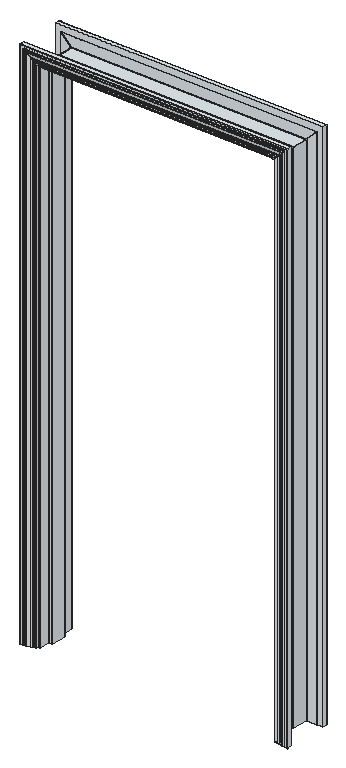
Revit family "Door_Swing_Dunbarton_RediFrame", category Doors, host Wall, Revit 2022
Family settings
  Host = Wall
  OmniClass Number = 23.30.10.17.17
  OmniClass Title = Folding Doors and Grilles
  Always vertical = Yes
  Cut with Voids When Loaded = No
  Shared = No
  Room Calculation Point = No
Parameters (values of type "134 Kerf Frame")
  panelwidth [instance] = if(1 = 1, Unit Width / 2, 0' 0")  # 1' - 6"
  halfframeneg [instance] = -(Wall Depth / 2) - 0' 0 1/16"  # -0' - 3 1/16"
  halfframe [instance] = Wall Depth / 2 + 0' 0 1/16"  # 0' - 3 1/16"
  framewidthcontrol [instance] = Opening Width + ((0' 1 9/16" - RO Spacing Sides) * 2)  # 3' - 3 1/8"
  frameheightcontrol [instance] = Opening Height + (0' 1 9/16" - RO Spacing Top)  # 6' - 9 5/16"
  casingwidthcontrol [instance] = 2' - 8"
  casingheightcontrol [instance] = 2' - 8"
  Water Penetration = "as Specified"
  Warranty Duration (Years) = 0
  Wall Depth [instance] = 0' - 6"
  Unit Width = 3' - 0"
  Unit Height [instance] = Opening Height - (0' 1 1/8" + 0' 0 3/4")  # 6' - 6 1/8"
  URL = "https://dunbarton.com/"
  Type Comments = "Wall Depths as Specified"
  Thickness = 0' - 0"  # constant formula
  Structural Test Pressure = "as Specified"
  Standards Conformance = "Level A Durability ANSI 250.5-1994"
  Specification = "http://www.arcat.com/sd/clients95/redifram.html?coid=32085"
  Send Message = ""
  Sales Information = "https://dunbarton.com/distributors"
  RO Spacing Sides = 0' - 0 1/4"  # constant formula
  Rough Width = 0' - 0"  # constant formula
  Rough Height = 0' - 0"  # constant formula
  RO Spacing Top = 0' - 0 1/4"  # constant formula
  R-Value = 0
  Product Properties = "https://dunbarton.com/sample-page"
  Product Data = "http://www.arcat.com/arcatcos/cos9532/arc32085.html"
  Panel Type [instance] = Door_Panel_Dunbarton_Westchester-Fold : Door_Panel_Dunbarton_Westchester-Fold
  Opening Width [instance] = Unit Width + (RO Spacing Sides * 2)  # 3' - 0 1/2"
  Opening Height = 6' - 8"
  Offset from Wall CL Notes [instance] = "Use Positive or Negative values to determine location."  # constant formula
  Offset from Wall CL [instance] = 0' - 0"
  Model = "RediFrame 134 Kerf"
  Manufacturer Website = "https://dunbarton.com/"
  Manufacturer Phone - Toll Free = "800-633-7553"
  Manufacturer Phone = "334-794-0661"
  Manufacturer Fax = "334-793-7022"
  Manufacturer Address = "1101 Technology Dr.; Dothan;  AL 36303"
  Manufacturer = "Dunbarton Corporation"
  Maintenance Schedule (Months) = 0
  Keynote = "08 11 10"
  Interior Casing Type [instance] = Accessory_Casing_Dunbarton_Casing : Steel Colonial
  Installation-Fabrication = "https://dunbarton.com/resources/installation-videos"
  Installation Phase = ""
  Include Dunbarton Interior Casing [instance] = yes
  Include Dunbarton Exterior Casing [instance] = yes
  Impact Resistance = "as Specified"
  Height [instance] = Unit Height  # 6' - 6 1/8"
  Green Building-LEED = "http://www.arcat.com/green/clients95/leed_data_32085.html"
  Gauge [instance] = 0
  Function = Interior
  Frame Type = RediFrame134Kerf : RediFrame134Kerf
  Frame Thickness = 0' - 0 5/8"
  Frame Finish [instance] = Metal - Steel - Dunbarton - Bright White Enamel
  Fire Rating = "90 Minute Neutral and Positive Pressure  ;  Wood or Steel"
  Exterior Casing Type [instance] = Accessory_Casing_Dunbarton_Casing : Steel Colonial
  Expected Lifespan (Years) = 0
  Drawn By = "Sumex Design, Inc. / Robert S. Weygant, CSI, CDT, SCIP"
  Door Thickness = 0' - 1"
  Door Panel Type = "as Specified"
  Door Finish [instance] = Metal - Steel - Dunbarton - Bright White Enamel
  Description = "Dunbarton Steel Swing Door Frame - RediFrame Kerf as Specified"
  Wall Closure = By host
  Width = Unit Width  # 3' - 0"
  Copyright = "©Arcat Inc."
  Construction Details = ""
  Assembly Code = "C1020100"
  Air Infiltration = "as Specified"
  3D Panel Swing Angle [instance] = 0.00°
  2D Swing Angle [instance] = 45.00°
Types (4): name | Type Comments | Model | Frame Type | Description
  134 Kerf Frame | "Wall Depths as Specified" | "RediFrame 134 Kerf" | RediFrame134Kerf : RediFrame134Kerf | "Dunbarton Steel Swing Door Frame - RediFrame Kerf as Specified"
  134-138 Frame | "Available Wall Depths : 4 , 4.5 , 4.625 , 4.75 , 4.875 , 5.25 , 5.375 , 6.75 , 6.875 , 7.375" | "RediFrame 134-138" | RediFrame134138 : RediFrame134138 | "Dunbarton Steel Swing Door Frame - RediFrame as Specified"
  138 Frame | "Available Wall Depths : 2.625 , 2.875 , 3.5 , 3.625 , 3.75" | "RediFrame 138" | RediFrame138 : RediFrame138 | "Dunbarton Steel Swing Door Frame - RediFrame as Specified"
  134 Frame | "Available Wall Depths : 2.875 , 3.5 , 3.625 , 3.75" | "RediFrame 134" | RediFrame134 : RediFrame134 | "Dunbarton Steel Swing Door Frame - RediFrame as Specified"
Reference planes
  plane 1 "Center (Front/Back)": y = 41.722
  plane 2: z = 0
  plane 3 "Center (Left/Right)": x = 50.8
  plane 4 "Left": x = -412.75
  plane 5 "Right": x = 514.35
  plane 6 "Bottom": z = 0
  plane 7 "Top": z = 2032
  plane 8 "Center - Elevation": z = 1016
  plane 9: y = -34.478
  plane 10: y = 117.922
  plane 11: x = -406.4
  plane 12: x = 508
Forms (mm)
  Extrusion 1, void
    sketch origin (0, 41.722, 0) x (1, 0, 0) y (0, 0, 1)
      loop
        line (127, 0) -> (127, 50.8) -> (-25.4, 50.8) -> (-25.4, 0) -> (127, 0)
    from 0 <- "Offset from Wall CL" to 305.197
  Extrusion 2, void
    sketch origin (0, 41.722, 0) x (1, 0, 0) y (0, 0, 1)
      loop
        line (-412.75, 2032) -> (-412.75, 0) -> (514.35, 0) -> (514.35, 2032) -> (-412.75, 2032)
    from -76.2 to 76.2
  Extrusion 3, void
    sketch origin (0, 41.722, 0) x (-1, 0, 0) y (0, 0, 1)
      loop
        line (63.5, 0) -> (133.35, 0) -> (133.35, 25.4) -> (63.5, 25.4) -> (63.5, 0)
    from 0 to 77.788 <- "halfframe"
  Extrusion 4, void
    sketch origin (0, 41.722, 0) x (-1, 0, 0) y (0, 0, 1)
      loop
        line (-165.1, 0) -> (-165.1, 25.4) -> (-234.95, 25.4) -> (-234.95, 0) -> (-165.1, 0)
    from -77.788 <- "halfframeneg" to 304.8
Text (mm)
  text "EXTERIOR" at (-1490.695, 350.552, 0), in view "Plan View"
  text "INTERIOR" at (-1490.695, -214.206, 0), in view "Plan View"
  text "Exterior" at (0, 1108.87, 3129.179), in view "Left"
  text "Exterior" at (0, 464.664, 3176.206), in view "Right"
Dimensions and locks
  equal spacing: plane 4 "Left", plane 3 "Center (Left/Right)", plane 5 "Right"
  equal spacing: plane 7 "Top", plane 8 "Center - Elevation", plane 6 "Bottom"
  "Opening Width": plane 4 "Left" to plane 5 "Right"
  "Opening Height": plane 7 "Top" to level
  equal spacing: plane 11, plane 3 "Center (Left/Right)", plane 12
  "Unit Width": plane 11 to plane 12
  aligned and locked: level to plane 2
  aligned and locked: plane 6 "Bottom" to plane 2
  aligned and locked: plane 1 "Center (Front/Back)" to host wall
  aligned and locked: plane 9 to host wall
  aligned and locked: plane 10 to host wall
  aligned: plane 3 "Center (Left/Right)" to nested 1
  aligned and locked: plane 5 "Right" to Extrusion 2 sketch curve
  aligned and locked: Extrusion 2 sketch curve to plane 4 "Left"
  aligned and locked: plane 7 "Top" to Extrusion 2 sketch curve
  aligned and locked: plane 10 to Extrusion 2
  aligned and locked: Extrusion 2 to plane 9
  aligned: nested 1 to nested 2
  aligned and locked: nested 1 to Extrusion 1
  aligned and locked: nested 1 to plane 3 "Center (Left/Right)"  (x2)
  aligned and locked: plane 3 "Center (Left/Right)" to nested 2
  aligned and locked: nested 2 to Extrusion 4
  aligned and locked: nested 3 to Extrusion 3
Automatic sketch dimensions
  Extrusion 1 sketch curve to level = 0' - 0"
  Extrusion 1 sketch curve to plane 3 "Center (Left/Right)" = 0' - 3"
  plane 3 "Center (Left/Right)" to Extrusion 1 sketch curve = 0' - 3"
  level to Extrusion 1 sketch curve = 0' - 2"
  Extrusion 2 sketch curve to level = 0' - 0"
  Extrusion 3 sketch curve to Extrusion 1 = 0' - 0"
  Extrusion 1 to Extrusion 3 sketch curve = 0' - 4 1/4"
  Extrusion 1 to Extrusion 3 sketch curve = 0' - 1 1/2"
  Extrusion 3 sketch curve to Extrusion 1 = 0' - 1"
  Extrusion 4 sketch curve to Extrusion 1 = 0' - 0"
  Extrusion 1 to Extrusion 4 sketch curve = 0' - 1 1/2"
  Extrusion 4 sketch curve to Extrusion 4 sketch curve = 0' - 2 3/4"
  Extrusion 4 sketch curve to Extrusion 1 = 0' - 1"
Nested families
  nested 1: "RediFrame134Kerf" at (50.8, 41.722, 0) x (-1, 0, 0) z (0, 0, 1), throat width <- "Wall Depth", width <- "framewidthcontrol", height <- "frameheightcontrol", finish <- "Frame Finish", type <- "Frame Type", type "RediFrame134Kerf"
    with width 3' - 3 1/8", throat width 0' - 6", height 6' - 9 5/16", finish Metal - Steel - Dunbarton - Bright White Enamel
  nested 2: "Accessory_Casing_Dunbarton_Casing" at (50.8, -36.065, 0), Unit Width <- "Opening Width", Unit Height <- "Opening Height", Frame Finish <- "Frame Finish", type <- "Exterior Casing Type", visible <- "Include Dunbarton Exterior Casing", type "Steel Colonial"
    with Unit Width 3' - 0 1/2", Unit Height 6' - 8", Frame Finish Metal - Steel - Dunbarton - Bright White Enamel, Colonial Rosette no
  nested 3: "Accessory_Casing_Dunbarton_Casing" at (50.8, 119.51, 0), Unit Width <- "Opening Width", Unit Height <- "Opening Height", Frame Finish <- "Frame Finish", type <- "Interior Casing Type", visible <- "Include Dunbarton Interior Casing", type "Steel Colonial"
    with Unit Width 3' - 0 1/2", Unit Height 6' - 8", Frame Finish Metal - Steel - Dunbarton - Bright White Enamel, Colonial Rosette no
Definition of nested family "RediFrame134Kerf"
  Parameters
    width [instance] = 3' - 0"
    throat width [instance] = 0' - 4 1/2"
    height [instance] = 6' - 8"
    finish [instance] = none
    Default Elevation = 0' - 0"  # constant formula
  Reference planes
    plane 1 "Center (Front/Back)": y = 0
    plane 2: z = 0
    plane 3 "Center (Left/Right)": x = 0
    plane 4: x = -457.2
    plane 5: x = 457.2
    plane 6: z = 2032
    plane 7: y = 57.15
    plane 8: y = -57.15
    plane 9: y = 82.55
    plane 10: y = -82.55
  Forms (mm)
    Sweep 1, solid, material <- "finish"
      path origin (0, 0, 0) x (1, 0, 0) y (0, 0, 1)
        loop
          line (-457.2, 0) -> (-457.2, 2032)
      profile "Profile_Rediframe_Dunbarton_Single-Stop-Kerf : Profile_Rediframe_Dunbarton_Single-Stop-Kerf" origin (-457.2, 0, 1016) x (-1, 0, 0) y (0, -1, 0)
        loop
          line (0, 58.738) -> (-38.1, 58.738)
          arc (-38.1, 58.738) -> (-40.345, 57.808) -> (-41.275, 55.562) r 3.175
          line (-41.275, 55.562) -> (-41.275, -2.381) -> (-44.45, -2.381) -> (-44.45, 5.556) -> (-53.975, 5.556)
          arc (-53.975, 5.556) -> (-56.22, 4.626) -> (-57.15, 2.381) r 3.175
          line (-57.15, 2.381) -> (-57.15, -15.875)
          arc (-57.15, -15.875) -> (-56.22, -18.12) -> (-53.975, -19.05) r 3.175
          line (-53.975, -19.05) -> (-42.862, -19.05)
          arc (-42.862, -19.05) -> (-41.74, -19.515) -> (-41.275, -20.637) r 1.587
          line (-41.275, -20.637) -> (-41.275, -55.563)
          arc (-41.275, -55.563) -> (-40.345, -57.808) -> (-38.1, -58.738) r 3.175
          line (-38.1, -58.738) -> (0, -58.737) -> (0, -57.15) -> (-38.1, -57.15)
          arc (-38.1, -57.15) -> (-39.223, -56.685) -> (-39.688, -55.563) r 1.587
          line (-39.688, -55.563) -> (-39.687, -20.637)
          arc (-39.687, -20.637) -> (-40.617, -18.392) -> (-42.862, -17.462) r 3.175
          line (-42.862, -17.462) -> (-53.975, -17.462)
          arc (-53.975, -17.462) -> (-55.098, -16.998) -> (-55.562, -15.875) r 1.587
          line (-55.562, -15.875) -> (-55.562, 2.381)
          arc (-55.562, 2.381) -> (-55.098, 3.504) -> (-53.975, 3.969) r 1.587
          line (-53.975, 3.969) -> (-46.037, 3.969) -> (-46.037, -3.969) -> (-39.687, -3.969) -> (-39.687, 55.562)
          arc (-39.687, 55.562) -> (-39.223, 56.685) -> (-38.1, 57.15) r 1.587
          line (-38.1, 57.15) -> (0, 57.15) -> (0, 58.738)
    Sweep 2, solid, material <- "finish"
      path origin (0, 0, 0) x (-1, 0, 0) y (0, 0, 1)
        loop
          line (-457.2, 0) -> (-457.2, 2032)
      profile "Profile_Rediframe_Dunbarton_Single-Stop-Kerf : Profile_Rediframe_Dunbarton_Single-Stop-Kerf" origin (457.2, 0, 1016) x (-1, 0, 0) y (0, -1, 0)
        loop
          line (0, 58.738) -> (0, 57.15) -> (38.1, 57.15)
          arc (38.1, 57.15) -> (39.223, 56.685) -> (39.687, 55.562) r 1.587
          line (39.687, 55.562) -> (39.687, -3.969) -> (46.037, -3.969) -> (46.037, 3.969) -> (53.975, 3.969)
          arc (53.975, 3.969) -> (55.098, 3.504) -> (55.562, 2.381) r 1.587
          line (55.562, 2.381) -> (55.562, -15.875)
          arc (55.562, -15.875) -> (55.098, -16.998) -> (53.975, -17.462) r 1.587
          line (53.975, -17.462) -> (42.862, -17.462)
          arc (42.862, -17.462) -> (40.617, -18.392) -> (39.687, -20.637) r 3.175
          line (39.687, -20.637) -> (39.688, -55.563)
          arc (39.688, -55.563) -> (39.223, -56.685) -> (38.1, -57.15) r 1.587
          line (38.1, -57.15) -> (0, -57.15) -> (0, -58.737) -> (38.1, -58.738)
          arc (38.1, -58.738) -> (40.345, -57.808) -> (41.275, -55.563) r 3.175
          line (41.275, -55.563) -> (41.275, -20.637)
          arc (41.275, -20.637) -> (41.74, -19.515) -> (42.862, -19.05) r 1.587
          line (42.862, -19.05) -> (53.975, -19.05)
          arc (53.975, -19.05) -> (56.22, -18.12) -> (57.15, -15.875) r 3.175
          line (57.15, -15.875) -> (57.15, 2.381)
          arc (57.15, 2.381) -> (56.22, 4.626) -> (53.975, 5.556) r 3.175
          line (53.975, 5.556) -> (44.45, 5.556) -> (44.45, -2.381) -> (41.275, -2.381) -> (41.275, 55.562)
          arc (41.275, 55.562) -> (40.345, 57.808) -> (38.1, 58.738) r 3.175
          line (38.1, 58.738) -> (0, 58.738)
    Extrusion 3, void
      sketch origin (0, 0, 0) x (1, 0, 0) y (0, 0, 1)
        loop
          line (-457.2, 2032) -> (-304.8, 1879.6) -> (-304.8, 2032) -> (-457.2, 2032)
      from -82.55 to 82.55
    Extrusion 4, void
      sketch origin (0, 0, 0) x (-1, 0, 0) y (0, 0, -1)
        loop
          line (-457.2, -2032) -> (-304.8, -2032) -> (-304.8, -1879.6) -> (-457.2, -2032)
      from -82.55 to 82.55
    Sweep 5, solid, material <- "finish"
      path origin (0, 0, 0) x (1, 0, 0) y (0, 0, 1)
        loop
          line (-457.2, 2032) -> (457.2, 2032)
      profile "Profile_Rediframe_Dunbarton_Single-Stop-Kerf : Profile_Rediframe_Dunbarton_Single-Stop-Kerf" origin (0, 0, 2032) x (0, 0, 1) y (0, -1, 0)
        loop
          line (0, 58.738) -> (-38.1, 58.738)
          arc (-38.1, 58.738) -> (-40.345, 57.808) -> (-41.275, 55.562) r 3.175
          line (-41.275, 55.562) -> (-41.275, -2.381) -> (-44.45, -2.381) -> (-44.45, 5.556) -> (-53.975, 5.556)
          arc (-53.975, 5.556) -> (-56.22, 4.626) -> (-57.15, 2.381) r 3.175
          line (-57.15, 2.381) -> (-57.15, -15.875)
          arc (-57.15, -15.875) -> (-56.22, -18.12) -> (-53.975, -19.05) r 3.175
          line (-53.975, -19.05) -> (-42.862, -19.05)
          arc (-42.862, -19.05) -> (-41.74, -19.515) -> (-41.275, -20.637) r 1.587
          line (-41.275, -20.637) -> (-41.275, -55.563)
          arc (-41.275, -55.563) -> (-40.345, -57.808) -> (-38.1, -58.738) r 3.175
          line (-38.1, -58.738) -> (0, -58.737) -> (0, -57.15) -> (-38.1, -57.15)
          arc (-38.1, -57.15) -> (-39.223, -56.685) -> (-39.688, -55.563) r 1.587
          line (-39.688, -55.563) -> (-39.687, -20.637)
          arc (-39.687, -20.637) -> (-40.617, -18.392) -> (-42.862, -17.462) r 3.175
          line (-42.862, -17.462) -> (-53.975, -17.462)
          arc (-53.975, -17.462) -> (-55.098, -16.998) -> (-55.562, -15.875) r 1.587
          line (-55.562, -15.875) -> (-55.562, 2.381)
          arc (-55.562, 2.381) -> (-55.098, 3.504) -> (-53.975, 3.969) r 1.587
          line (-53.975, 3.969) -> (-46.037, 3.969) -> (-46.037, -3.969) -> (-39.687, -3.969) -> (-39.687, 55.562)
          arc (-39.687, 55.562) -> (-39.223, 56.685) -> (-38.1, 57.15) r 1.587
          line (-38.1, 57.15) -> (0, 57.15) -> (0, 58.738)
    Extrusion 6, void
      sketch origin (0, 0, 0) x (1, 0, 0) y (0, 0, 1)
        loop
          line (-457.2, 2032) -> (-457.2, 1879.6) -> (-304.8, 1879.6) -> (-457.2, 2032)
      from -82.55 to 82.55
    Extrusion 7, void
      sketch origin (0, 0, 0) x (-1, 0, 0) y (0, 0, -1)
        loop
          line (-457.2, -2032) -> (-304.8, -1879.6) -> (-457.2, -1879.6) -> (-457.2, -2032)
      from -82.55 to 82.55
  Cuts and joins
    Extrusion 3, Extrusion 4, Extrusion 7 cuts Sweep 1
    Extrusion 4 cuts Sweep 2
    Extrusion 6, Extrusion 7 cuts Sweep 5
  Dimensions and locks
    "height": plane 6 to level
    equal spacing: plane 5, plane 3 "Center (Left/Right)", plane 4
    "width": plane 5 to plane 4
    equal spacing: plane 8, plane 1 "Center (Front/Back)", plane 7
    "throat width": plane 8 to plane 7
    locked: Extrusion 3 sketch curve to plane 4 at 152.4
    locked: plane 5 to Extrusion 4 sketch curve at 152.4
    locked: plane 7 to plane 9 at 25.4
    locked: plane 8 to plane 10 at 25.4
    locked: plane 6 to Extrusion 6 sketch curve at 152.4
    locked: plane 6 to Extrusion 7 sketch curve at 152.4
    aligned and locked: plane 2 to level
    aligned and locked: plane 6 to Sweep 1 sketch curve
    aligned and locked: plane 4 to Sweep 1 sketch curve
    aligned and locked: level to Sweep 1 sketch curve
    aligned and locked: plane 6 to Sweep 2 sketch curve
    aligned and locked: plane 5 to Sweep 2 sketch curve
    aligned and locked: level to Sweep 2 sketch curve
    aligned and locked: Extrusion 4 sketch curve to plane 6
    aligned and locked: plane 6 to Extrusion 3 sketch curve
    aligned and locked: Extrusion 3 to plane 9
    aligned and locked: Extrusion 3 to plane 10
    aligned and locked: Extrusion 4 to plane 9
    aligned and locked: plane 10 to Extrusion 4
    aligned and locked: Sweep 5 sketch curve to plane 6
    aligned and locked: plane 5 to Sweep 5 sketch curve
    aligned and locked: plane 4 to Sweep 5 sketch curve
    aligned and locked: plane 4 to Extrusion 6 sketch curve
    aligned and locked: plane 5 to Extrusion 7 sketch curve
    aligned and locked: Extrusion 6 to plane 10
    aligned and locked: plane 9 to Extrusion 6
    aligned and locked: plane 9 to Extrusion 7
    aligned and locked: Extrusion 7 to plane 10
  Automatic sketch dimensions
    Extrusion 3 sketch curve to plane 4 = 0' - 0"
    Extrusion 3 sketch curve to plane 6 = 0' - 6"
    Extrusion 4 sketch curve to plane 5 = 0' - 0"
    plane 6 to Extrusion 4 sketch curve = 0' - 6"
    Extrusion 6 sketch curve to plane 6 = 0' - 0"
    plane 4 to Extrusion 6 sketch curve = 0' - 6"
    Extrusion 7 sketch curve to plane 6 = 0' - 0"
    plane 5 to Extrusion 7 sketch curve = 0' - 6"
Definition of nested family "Accessory_Casing_Dunbarton_Casing"
  Parameters
    Warranty Duration (Years) = 0
    Unit Width [instance] = 2' - 8"
    Unit Height [instance] = 2' - 8"
    URL = ""
    Steel Colonial = yes
    Steel = no
    Specification = ""
    SpecWizard = ""
    Send Message = ""
    Sales Information = ""
    Revision = "R1_01-2014"
    Product Properties = ""
    Product Data = ""
    Model = "As Specified"
    Manufacturer Website = ""
    Manufacturer Phone - Toll Free = ""
    Manufacturer Phone = ""
    Manufacturer Fax = ""
    Manufacturer Address = ""
    Manufacturer = ""
    Maintenance Schedule (Months) = 0
    Keynote = ""
    Installation-Fabrication = ""
    Installation Phase = ""
    Green Building-LEED = ""
    Frame Finish [instance] = none
    Expected Lifespan (Years) = 0
    Drawn By = "Sumex Design, Inc. / Robert S. Weygant, CSI, CDT, SCIP"
    Description = ""
    Default Elevation = 0' - 0"  # constant formula
    Copyright = "©Arcat Inc."
    Construction Details = ""
    Colonial Rosette = yes
    Assembly Code = ""
    Aluminum = no
  Reference planes
    plane 1 "Center (Front/Back)": y = 0
    plane 2 "Bottom": z = 0
    plane 3 "Center (Left/Right)": x = 0
    plane 4 "Left": x = -406.4
    plane 5 "Right": x = 406.4
    plane 6 "Top": z = 812.8
  Forms (mm)
    Sweep 1, solid, material <- "Frame Finish", visible <- "Aluminum"
      path origin (0, 0, 0) x (1, 0, 0) y (0, 0, 1)
        loop
          line (-406.4, 0) -> (-406.4, 812.8) -> (406.4, 812.8) -> (406.4, 0)
      profile origin (-406.4, 0, 406.4) x (-1, 0, 0) y (0, -1, 0)
        loop
          line (0, 0) -> (38.1, 0) -> (38.1, 12.7) -> (0, 12.7) -> (0, 0)
    Sweep 2, solid, material <- "Frame Finish", visible <- "Steel"
      path origin (0, 0, 0) x (1, 0, 0) y (0, 0, 1)
        loop
          line (-406.4, 0) -> (-406.4, 812.8) -> (406.4, 812.8) -> (406.4, 0)
      profile origin (-406.4, 0, 406.4) x (-1, 0, 0) y (0, -1, 0)
        loop
          arc (0, 1.588) -> (0.465, 0.465) -> (1.587, 0) r 1.587
          line (1.587, 0) -> (34.925, 0)
          arc (34.925, 0) -> (36.048, 0.465) -> (36.512, 1.587) r 1.587
          line (36.512, 1.587) -> (36.512, 7.271)
          arc (36.512, 7.271) -> (36.091, 8.348) -> (35.052, 8.853) r 1.587
          arc (35.052, 8.853) -> (18.256, 9.525) -> (1.461, 8.853) r 210.344
          arc (1.461, 8.853) -> (0.421, 8.348) -> (0, 7.271) r 1.587
          line (0, 7.271) -> (0, 1.588)
    Sweep 3, solid, material <- "Frame Finish", visible <- "Steel Colonial"
      path origin (0, 0, 0) x (1, 0, 0) y (0, 0, 1)
        loop
          line (-406.4, 0) -> (-406.4, 812.8) -> (406.4, 812.8) -> (406.4, 0)
      profile origin (-406.4, 0, 406.4) x (-1, 0, 0) y (0, -1, 0)
        loop
          line (0, 0) -> (57.15, 0) -> (57.15, 15.875)
          arc (57.15, 15.875) -> (56.685, 16.998) -> (55.563, 17.462) r 1.587
          line (55.563, 17.462) -> (46.076, 17.462)
          arc (46.076, 17.462) -> (45.209, 17.212) -> (44.609, 16.537) r 1.626
          arc (44.609, 16.537) -> (44.154, 16.026) -> (43.497, 15.836) r 1.232
          line (43.497, 15.836) -> (36.653, 15.836)
          arc (36.653, 15.836) -> (34.949, 15.694) -> (33.291, 15.273) r 10.328
          line (33.291, 15.273) -> (22.128, 11.43)
          arc (22.128, 11.43) -> (19.94, 10.905) -> (17.693, 10.806) r 11.737
          line (17.693, 10.806) -> (13.84, 11.008)
          arc (13.84, 11.008) -> (12.991, 10.893) -> (12.244, 10.474) r 2.296
          line (12.244, 10.474) -> (11.634, 9.963)
          arc (11.634, 9.963) -> (11.071, 9.638) -> (10.431, 9.525) r 1.872
          line (10.431, 9.525) -> (3.175, 9.525)
          arc (3.175, 9.525) -> (0.93, 8.595) -> (0, 6.35) r 3.175
          line (0, 6.35) -> (0, 0)
    Extrusion 4, solid, material <- "Frame Finish", visible <- "Colonial Rosette"
      sketch origin (0, 0, 0) x (1, 0, 0) y (0, 0, 1)
        loop
          line (-461.963, 868.363) -> (-461.963, 812.8) -> (-406.4, 812.8) -> (-406.4, 868.363) -> (-461.963, 868.363)
        loop
          line (461.963, 868.363) -> (406.4, 868.363) -> (406.4, 812.8) -> (461.963, 812.8) -> (461.963, 868.363)
        loop
          circle (-434.109, 840.509) r 26.517
        loop
          circle (434.109, 840.509) r 26.517
        loop
          circle (-434.109, 840.509) r 6.299
        loop
          circle (434.109, 840.509) r 6.4
      from 17.462 to 19.66
    Extrusion 5, solid, material <- "Frame Finish", visible <- "Colonial Rosette"
      sketch origin (0, 0, 0) x (1, 0, 0) y (0, 0, 1)
        loop
          circle (-434.16, 840.56) r 24.264
        loop
          circle (-434.16, 840.56) r 20.997
        loop
          circle (-434.16, 840.56) r 14.848
        loop
          circle (434.16, 840.56) r 24.264
        loop
          circle (434.16, 840.56) r 20.997
        loop
          circle (434.16, 840.56) r 14.848
        loop
          circle (434.109, 840.509) r 6.4
        loop
          circle (-434.109, 840.509) r 6.299
      from 17.463 to 19.05
    Extrusion 6, solid, material <- "Frame Finish", visible <- "Colonial Rosette"
      sketch origin (0, 0, 0) x (1, 0, 0) y (0, 0, 1)
        loop
          line (-461.963, 868.363) -> (-461.963, 812.8) -> (-406.4, 812.8) -> (-406.4, 868.363) -> (-461.963, 868.363)
        loop
          line (461.963, 868.363) -> (406.4, 868.363) -> (406.4, 812.8) -> (461.963, 812.8) -> (461.963, 868.363)
      from 0 to 17.462
  Cuts and joins
    joined: Extrusion 4, Extrusion 5, Extrusion 6
  Dimensions and locks
    equal spacing: plane 4 "Left", plane 3 "Center (Left/Right)", plane 5 "Right"
    "Unit Width": plane 4 "Left" to plane 5 "Right"
    "Unit Height": plane 6 "Top" to level
    aligned and locked: plane 4 "Left" to Sweep 1 sketch curve
    aligned and locked: Sweep 1 sketch curve to plane 6 "Top"
    aligned and locked: Sweep 1 sketch curve to plane 5 "Right"
    aligned and locked: Sweep 2 sketch curve to plane 5 "Right"
    aligned and locked: plane 4 "Left" to Sweep 2 sketch curve
    aligned and locked: Sweep 2 sketch curve to plane 6 "Top"
    aligned and locked: plane 4 "Left" to Sweep 3 sketch curve
    aligned and locked: Sweep 3 sketch curve to plane 5 "Right"
    aligned and locked: Sweep 3 sketch curve to plane 6 "Top"
  Automatic sketch dimensions
    Sweep 1 sketch curve to level = 0' - 0"  (x2)
    Sweep 1 sketch curve to profile plane = 0' - 0"
    plane 1 "Center (Front/Back)" to Sweep 1 sketch curve = 0' - 0"
    Sweep 1 sketch curve to profile plane = 0' - 1 1/2"
    plane 1 "Center (Front/Back)" to Sweep 1 sketch curve = 0' - 0 1/2"
    Sweep 2 sketch curve to level = 0' - 0"  (x2)
    Sweep 2 sketch curve to profile plane = 0' - 0"
    plane 1 "Center (Front/Back)" to Sweep 2 sketch curve = 0' - 0"
    Sweep 2 sketch curve to profile plane = 0' - 0.05751"
    Sweep 2 sketch curve to Sweep 2 sketch curve = 0' - 0"  (x3)
    Sweep 2 sketch curve to profile plane = 0' - 0 1/16"  (x2)
    Sweep 2 sketch curve to profile plane = 0' - 0 23/32"
    Sweep 2 sketch curve to Sweep 2 sketch curve = 0' - 1 5/16"
    Sweep 2 sketch curve to Sweep 2 sketch curve = 0' - 0.00499"
    Sweep 2 sketch curve to plane 1 "Center (Front/Back)" = 0' - 7 29/32"
    Sweep 3 sketch curve to level = 0' - 0"  (x2)
    plane 1 "Center (Front/Back)" to Sweep 3 sketch curve = 0' - 0"
    Sweep 3 sketch curve to profile plane = 0' - 0"
    Sweep 3 sketch curve to profile plane = 0' - 0 1/8"
    Sweep 3 sketch curve to Sweep 3 sketch curve = 0' - 0.28568"
    Sweep 3 sketch curve to Sweep 3 sketch curve = 0' - 0.04737"
    Sweep 3 sketch curve to Sweep 3 sketch curve = 0' - 0.02399"
    Sweep 3 sketch curve to Sweep 3 sketch curve = 0' - 0.05811"
    Sweep 3 sketch curve to Sweep 3 sketch curve = 0' - 0.06284"
    Sweep 3 sketch curve to Sweep 3 sketch curve = 0' - 0.15168"
    Sweep 3 sketch curve to Sweep 3 sketch curve = 0' - 0.02418"
    Sweep 3 sketch curve to Sweep 3 sketch curve = 0' - 0.17462"
    Sweep 3 sketch curve to Sweep 3 sketch curve = 0' - 0.43948"
    Sweep 3 sketch curve to Sweep 3 sketch curve = 0' - 0.13238"
    Sweep 3 sketch curve to Sweep 3 sketch curve = 0' - 0.26943"
    Sweep 3 sketch curve to Sweep 3 sketch curve = 0' - 0.04378"
    Sweep 3 sketch curve to Sweep 3 sketch curve = 0' - 0"  (x2)
    Sweep 3 sketch curve to Sweep 3 sketch curve = 0' - 0.05778"
    Sweep 3 sketch curve to Sweep 3 sketch curve = 0' - 0.37347"
    Sweep 3 sketch curve to Sweep 3 sketch curve = 0' - 0 1/16"
    plane 1 "Center (Front/Back)" to Sweep 3 sketch curve = 0' - 0.21686"
    Sweep 3 sketch curve to Sweep 3 sketch curve = 0' - 0 1/4"
    Sweep 3 sketch curve to Sweep 3 sketch curve = 0' - 0.03188"
    Sweep 3 sketch curve to Sweep 3 sketch curve = 0' - 0.01724"
    Sweep 3 sketch curve to Sweep 3 sketch curve = 0' - 0.02013"
    Sweep 3 sketch curve to Sweep 3 sketch curve = 0' - 0.00795"
    Sweep 3 sketch curve to Sweep 3 sketch curve = 0' - 0.02454"
    Sweep 3 sketch curve to Sweep 3 sketch curve = 0' - 0.38446"
    Extrusion 5 sketch curve to Extrusion 5 sketch curve = 0' - 0"  (x10)
    Extrusion 5 sketch curve to plane 4 "Left" = 0' - 1.09291"
    plane 5 "Right" to Extrusion 5 sketch curve = 0' - 1.09291"
    plane 6 "Top" to Extrusion 5 sketch curve = 0' - 1.09291"  (x2)
    Extrusion 6 sketch curve to plane 6 "Top" = 0' - 0"  (x2)
    Extrusion 6 sketch curve to plane 4 "Left" = 0' - 0"
    Extrusion 6 sketch curve to plane 5 "Right" = 0' - 0"
    Extrusion 6 sketch curve to Extrusion 6 sketch curve = 0' - 2 3/16"
    plane 5 "Right" to Extrusion 6 sketch curve = 0' - 2 3/16"
    plane 6 "Top" to Extrusion 6 sketch curve = 0' - 2 3/16"  (x2)
    Extrusion 4 sketch curve to Extrusion 4 sketch curve = 0' - 0"  (x4)
    Extrusion 4 sketch curve to plane 6 "Top" = 0' - 0"  (x2)
    Extrusion 4 sketch curve to plane 4 "Left" = 0' - 0"
    Extrusion 4 sketch curve to plane 5 "Right" = 0' - 0"
    Extrusion 4 sketch curve to plane 4 "Left" = 0' - 1.09092"
    Extrusion 4 sketch curve to Extrusion 4 sketch curve = 0' - 1.09658"  (x4)
    plane 5 "Right" to Extrusion 4 sketch curve = 0' - 1.09092"
    plane 6 "Top" to Extrusion 4 sketch curve = 0' - 1.09092"  (x2)
    Extrusion 5 sketch curve to Extrusion 5 sketch curve = 0' - 0.25396"
    Extrusion 5 sketch curve to Extrusion 5 sketch curve = 0' - 0.00198"  (x4)
    Extrusion 5 sketch curve to Extrusion 5 sketch curve = 0' - 0.24603"
    radius of Extrusion 5 sketch curve = 0' - 0.95527"  (x2)
    radius of Extrusion 5 sketch curve = 0' - 0.82666"  (x2)
    radius of Extrusion 5 sketch curve = 0' - 0.58455"  (x2)
    radius of Extrusion 4 sketch curve = 0' - 1.04399"  (x2)
    radius of Extrusion 4 sketch curve = 0' - 0.24801"
    radius of Extrusion 4 sketch curve = 0' - 0.25197"
